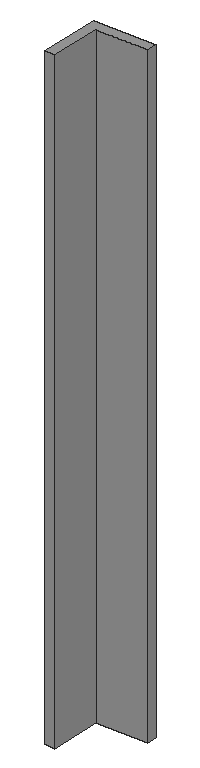
Revit family "GEN_A3-50x50mm-Aluminium-Corner-protector", category Generic Models, Revit 2015
Parameters (values of type "Corner Protector 50 x 50mm Aluminium")
  Model = "50 x 50MM Aluminium"
  Manufacturer = ""
  Description = "50 x 50mm x 1200mm High Aluminium corner protector"
  Assembly Code = ""
Reference planes
  plane 1 "Center (Front/Back)": y = 0
  plane 2: z = 0
  plane 3 "Center (Left/Right)": x = 0
Forms (mm)
  Extrusion 1, solid, material "Default"
    sketch origin (26.694, -23.306, 0) x (1, 0, 0) y (0, 1, 0)
      loop
        line (63.306, 33.306) -> (63.306, 53.306) -> (-56.694, 53.306) -> (-56.694, -66.694) -> (-36.694, -66.694) -> (-36.694, 33.306) -> (63.306, 33.306)
    from 0 to 1200
Dimensions and locks
  Extrusion 1 to level = 1200 mm
